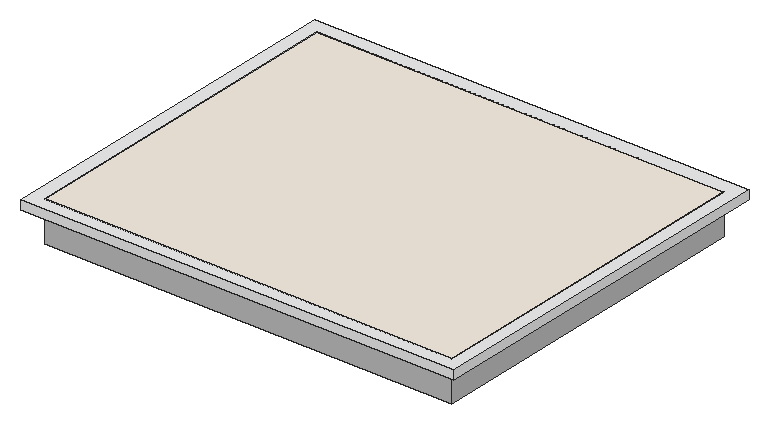
Revit family "Lighting-Industrial-GEWISS-ELIA-HL-LED_HIGHBAY", category Apparecchi per illuminazione, host Superficie, Revit 2019 (continued)
Types (12, lengths in mm): name | Weight (kg): | Weight (kg) | Voltage | Technical sheet | System power | Optic | built-in parameter 1150142 | Lumen output (lm) | Model | IDT | File diagramma fotometrico | Description
    676.76 15460.93 15242.31 15018.11 14788.35 14546.06 \r\n14289.84 14014.12 13723.09 13418.13 13103.43 12785.94 \r\n12471.23 12163.49 11859.92 11559.14 11262.54 10967.33 \r\n10672.12 10378.30 10091.45 9814.34 9541.41 9268.48 \r\n8999.73 8735.15 8476.15 8225.50 7983.20 7747.87 7516.72 \r\n7291.13 7068.33 6851.10 6636.66 6424.99 6211.94 6000.28 \r\n5788.62 5582.53 5377.84 5180.10 4986.54 4804.13 4627.28 \r\n4453.22 4283.33 4117.62 3957.49 3808.49 3665.06 3527.20 \r\n3394.92 3266.81 3144.27 3027.30 2914.50 2804.91 2699.64 \r\n2600.22 2504.13 2408.89 2316.84 2230.78 2147.79 2065.36 \r\n1984.31 1903.13 1824.73 1752.74 1684.65 1618.22 1554.87 \r\n1495.96 1439.85 1384.98 1331.93 1281.24 1232.78 1185.85 \r\n1141.01 1098.54 1058.44 1020.56 984.50 949.96 916.26 \r\n882.57 849.29 816.01 783.70 754.04 726.33 701.68 677.87 \r\n653.22 627.60 599.47 571.90 547.67 525.39 504.64 485.15 \r\n466.21 447.83 430.28 414.83 403.41 393.94 384.61 375.28 \r\n366.37 354.95 336.29 315.40 297.44 279.27 259.77 238.77 \r\n215.22 190.51 165.50 140.68 116.79 93.97 72.19 52.66 \r\n36.62 23.96 15.23 9.48 5.89 4.72 \r\n20514.31 20512.92 20504.56 20492.03 20472.54 20447.47 \r\n20416.84 20383.42 20345.82 20304.04 20256.70 20206.57 \r\n20152.26 20092.38 20029.72 19965.67 19896.04 19825.02 \r\n19751.22 19670.45 19589.69 19507.53 19422.59 19332.08 \r\n19237.39 19138.52 19034.08 18922.68 18807.10 18688.74 \r\n18564.81 18436.70 18305.81 18169.34 18030.09 17893.63 \r\n17755.77 17615.13 17471.70 17325.49 17175.10 17021.92 \r\n16861.78 16687.72 16502.52 16310.35 16108.44 15900.96 \r\n15687.90 15472.07 15252.05 15029.25 14798.10 14557.20 \r\n14300.98 14025.26 13734.23 13427.88 13115.96 12799.86 \r\n12485.16 12177.41 11872.46 11571.68 11273.68 10977.08 \r\n10681.87 10388.05 10099.80 9822.69 9549.76 9278.23 \r\n9008.08 8742.11 8483.11 8232.46 7988.77 7750.66 7519.50 \r\n7291.13 7068.33 6851.10 6635.26 6420.82 6210.55 5997.50 \r\n5787.23 5579.75 5376.44 5177.32 4985.15 4802.73 4625.89 \r\n4450.43 4280.55 4113.44 3954.70 3804.31 3663.67 3524.42 \r\n3392.13 3265.41 3141.48 3024.51 2911.72 2801.43 2695.46 \r\n2595.62 2499.12 2403.59 2311.55 2225.49 2142.64 2060.62 \r\n1980.00 1899.23 1821.53 1749.95 1682.00 1615.44 1552.22 \r\n1493.46 1437.48 1382.33 1329.00 1278.73 1230.27 1183.76 \r\n1139.07 1096.45 1056.21 1018.20 982.27 947.87 914.45 \r\n881.17 848.03 814.61 782.45 752.65 725.07 700.15 676.20 \r\n651.69 626.35 598.77 571.48 547.39 525.11 504.36 484.59 \r\n465.23 447.13 429.73 414.41 403.69 394.50 384.61 374.58 \r\n365.11 353.14 334.76 314.43 296.60 278.37 258.68 237.55 \r\n214.31 189.98 165.11 140.36 116.59 93.84 72.01 52.43 \r\n36.48 23.91 15.22 9.51 5.92 4.74 \r\n20514.31 20512.92 20504.56 20492.03 20472.54 20447.47 \r\n20416.84 20384.81 20345.82 20304.04 20259.48 20207.96 \r\n20153.65 20093.78 20031.11 19965.67 19898.83 19827.81 \r\n19754.01 19676.03 19593.87 19511.71 19426.77 19336.26 \r\n19241.56 19142.70 19038.26 18926.86 18811.28 18692.92 \r\n18567.60 18442.27 18311.38 18174.91 18037.05 17900.59 \r\n17762.73 17622.09 17478.66 17332.45 17183.45 17031.67 \r\n16870.14 16696.08 16510.87 16318.71 16119.58 15912.10 \r\n15700.44 15484.60 15265.98 15040.39 14810.63 14569.73 \r\n14312.11 14036.40 13745.37 13441.80 13128.49 12813.79 \r\n12501.86 12192.73 11887.77 11584.21 11283.43 10986.83 \r\n10691.61 10399.19 10109.55 9832.44 9559.51 9286.58 \r\n9017.83 8751.86 8491.47 8239.42 7992.95 7754.83 7520.89 \r\n7292.52 7068.33 6848.32 6632.48 6419.43 6206.37 5996.11 \r\n5785.84 5578.36 5373.66 5175.92 4983.76 4801.34 4624.49 \r\n4450.43 4279.15 4113.44 3953.31 3804.31 3660.88 3523.03 \r\n3390.74 3264.02 3140.09 3021.73 2908.93 2798.93 2692.40 \r\n2591.72 2494.80 2399.00 2306.82 2220.90 2138.18 2056.58 \r\n1976.24 1896.17 1819.16 1747.87 1679.91 1613.49 1550.13 \r\n1491.51 1435.53 1380.25 1326.91 1276.64 1228.60 1182.09 \r\n1137.67 1095.06 1054.40 1016.53 980.46 946.20 913.06 \r\n880.06 847.34 813.92 781.47 751.81 723.96 698.90 674.67 \r\n650.16 625.23 598.08 571.34 547.53 525.11 504.09 484.17 \r\n464.68 446.30 429.31 414.41 403.96 394.77 384.47 373.89 \r\n363.72 351.33 333.23 313.31 295.63 277.30 257.43 236.14 \r\n213.25 189.34 164.61 139.92 116.25 93.56 71.70 52.11 \r\n36.27 23.83 15.20 9.52 5.94 4.75 \r\n20514.31 20512.92 20505.95 20492.03 20473.93 20448.86 \r\n20418.23 20384.81 20348.60 20306.83 20259.48 20209.35 \r\n20155.05 20096.56 20033.90 19968.45 19901.61 19831.99 \r\n19756.79 19678.81 19599.44 19517.28 19430.95 19340.43 \r\n19245.74 19146.88 19041.05 18929.65 18815.46 18697.10 \r\n18573.17 18446.45 18316.95 18181.87 18044.01 17907.55 \r\n17771.09 17630.44 17488.41 17342.20 17193.20 17040.02 \r\n16881.28 16705.82 16522.01 16331.24 16132.11 15924.63 \r\n15714.36 15498.53 15278.51 15054.32 14823.16 14580.87 \r\n14326.04 14048.93 13759.29 13455.73 13143.81 12830.50 \r\n12517.18 12209.44 11901.70 11596.74 11295.96 10997.97 \r\n10702.76 10407.55 10119.30 9842.19 9570.65 9296.33 \r\n9026.19 8760.22 8499.82 8246.39 7999.91 7759.01 7523.68 \r\n7292.52 7066.94 6846.92 6628.30 6415.25 6203.59 5991.93 \r\n5783.05 5575.57 5373.66 5174.53 4982.37 4801.34 4624.49 \r\n4451.82 4280.55 4112.05 3953.31 3804.31 3660.88 3523.03 \r\n3390.74 3262.63 3140.09 3020.33 2906.15 2796.14 2690.03 \r\n2588.80 2491.18 2395.10 2302.78 2217.00 2134.56 2052.96 \r\n1972.89 1893.80 1817.49 1746.33 1678.66 1612.24 1549.02 \r\n1490.25 1434.28 1378.71 1325.24 1275.11 1227.21 1181.12 \r\n1136.98 1094.09 1053.29 1015.13 978.93 944.81 911.81 \r\n879.22 846.78 813.50 781.05 751.25 723.40 697.78 673.27 \r\n648.77 623.98 597.38 571.34 547.67 525.53 504.22 484.03 \r\n464.26 445.60 428.61 414.27 404.10 395.33 384.61 373.19 \r\n362.19 349.38 331.55 312.20 294.51 276.20 256.03 234.58 \r\n212.05 188.59 163.99 139.38 115.76 93.13 71.28 51.72 \r\n36.01 23.71 15.16 9.52 5.96 4.76 \r\n20514.31 20512.92 20505.95 20492.03 20473.93 20448.86 \r\n20419.62 20386.20 20348.60 20306.83 20262.27 20212.14 \r\n20156.44 20096.56 20036.68 19972.63 19905.79 19836.16 \r\n19760.97 19685.77 19603.62 19521.46 19435.12 19344.61 \r\n19249.92 19149.66 19045.22 18935.22 18819.64 18701.28 \r\n18578.74 18452.02 18323.91 18188.84 18052.37 17917.30 \r\n17779.44 17640.19 17498.15 17351.94 17202.95 17049.77 \r\n16891.03 16715.57 16533.15 16342.38 16146.04 15939.95 \r\n15728.29 15513.84 15292.44 15068.24 14837.09 14594.79 \r\n14338.57 14062.86 13773.22 13469.65 13159.13 12847.21 \r\n12535.29 12224.76 11915.62 11609.27 11305.71 11006.32 \r\n10711.11 10418.69 10130.44 9853.33 9579.01 9304.69 \r\n9034.54 8769.97 8509.57 8254.74 8005.48 7761.80 7525.07 \r\n7292.52 7065.55 6842.74 6625.52 6411.07 6199.41 5990.53 \r\n5781.66 5574.18 5372.27 5173.14 4980.97 4801.34 4625.89 \r\n4451.82 4279.15 4113.44 3953.31 3804.31 3662.28 3524.42 \r\n3392.13 3264.02 3140.09 3020.33 2906.15 2794.75 2688.78 \r\n2586.71 2488.40 2392.04 2299.71 2213.80 2131.50 2050.04 \r\n1970.39 1891.85 1816.38 1745.50 1677.82 1611.54 1548.18 \r\n1489.56 1433.44 1377.74 1324.27 1274.14 1226.37 1180.56 \r\n1136.56 1093.53 1052.59 1014.02 977.95 943.84 910.83 \r\n878.53 846.36 813.36 780.91 751.11 722.99 697.09 672.16 \r\n647.51 622.87 596.96 571.48 548.23 526.09 504.50 483.75 \r\n463.70 444.90 428.19 414.27 404.38 395.47 384.61 372.63 \r\n360.80 347.29 329.74 310.81 293.26 274.94 254.51 232.90 \r\n210.74 187.72 163.28 138.71 115.16 92.57 70.75 51.26 \r\n35.72 23.58 15.11 9.51 5.97 4.78 \r\n20514.31 20512.92 20505.95 20492.03 20473.93 20450.26 \r\n20421.01 20387.59 20351.39 20309.61 20263.66 20212.14 \r\n20156.44 20099.35 20038.08 19975.41 19909.97 19840.34 \r\n19766.54 19689.95 19609.19 19527.03 19440.69 19348.79 \r\n19252.70 19153.84 19048.01 18938.00 18823.81 18705.45 \r\n18585.70 18460.37 18330.87 18195.80 18060.73 17925.65 \r\n17789.19 17649.94 17506.51 17361.69 17212.69 17060.91 \r\n16899.38 16726.71 16544.29 16354.91 16158.57 15953.87 \r\n15743.60 15527.77 15306.36 15083.56 14851.01 14610.11 \r\n14353.89 14078.18 13788.54 13486.36 13177.23 12866.70 \r\n12554.78 12241.47 11932.33 11621.81 11315.46 11016.07 \r\n10720.86 10428.43 10140.19 9863.08 9588.76 9315.83 \r\n9044.29 8779.71 8519.32 8261.70 8012.44 7767.36 7527.86 \r\n7292.52 7064.15 6839.96 6621.34 6406.89 6195.23 5986.36 \r\n5778.88 5572.78 5369.48 5171.74 4980.97 4801.34 4627.28 \r\n4453.22 4281.94 4114.84 3954.70 3804.31 3662.28 3524.42 \r\n3393.52 3264.02 3140.09 3020.33 2906.15 2796.14 2688.08 \r\n2585.45 2486.31 2389.81 2297.35 2211.43 2128.99 2047.67 \r\n1968.16 1890.60 1815.68 1745.22 1677.41 1611.40 1548.04 \r\n1489.28 1433.02 1377.18 1323.57 1273.44 1225.96 1180.56 \r\n1136.56 1093.53 1052.03 1013.46 977.12 942.86 910.00 \r\n878.11 846.22 813.36 781.19 751.39 722.99 696.53 670.91 \r\n646.26 621.75 596.55 571.90 548.92 526.78 504.92 483.89 \r\n463.28 444.35 427.92 414.13 404.66 395.75 384.47 371.94 \r\n359.27 345.34 328.07 309.55 292.01 273.65 252.89 231.09 \r\n209.31 186.73 162.45 137.94 114.44 91.91 70.15 50.76 \r\n35.38 23.42 15.04 9.48 5.98 4.79 \r\n20514.31 20512.92 20505.95 20492.03 20473.93 20450.26 \r\n20421.01 20387.59 20351.39 20311.01 20266.45 20213.53 \r\n20159.22 20103.52 20042.25 19979.59 19914.14 19844.52 \r\n19772.11 19695.52 19616.15 19532.60 19444.87 19354.36 \r\n19258.28 19158.01 19052.19 18943.57 18827.99 18711.02 \r\n18589.88 18467.34 18337.83 18204.15 18069.08 17935.40 \r\n17798.94 17658.29 17516.26 17371.44 17223.83 17070.66 \r\n16910.52 16737.85 16554.04 16367.45 16172.50 15969.19 \r\n15758.92 15543.09 15323.07 15097.49 14866.33 14625.43 \r\n14369.21 14093.49 13803.85 13503.07 13193.94 12884.80 \r\n12572.88 12259.57 11946.26 11634.34 11326.60 11025.82 \r\n10729.21 10436.79 10149.93 9872.83 9599.90 9325.57 \r\n9052.64 8788.07 8527.67 8268.66 8016.62 7770.15 7527.86 \r\n7292.52 7061.37 6835.78 6615.77 6402.72 6191.06 5982.18 \r\n5776.09 5571.39 5368.09 5170.35 4979.58 4801.34 4627.28 \r\n4453.22 4283.33 4116.23 3956.09 3805.70 3663.67 3527.20 \r\n3394.92 3266.81 3140.09 3020.33 2906.15 2795.44 2688.22 \r\n2584.90 2485.06 2388.28 2295.95 2209.76 2127.18 2045.86 \r\n1966.63 1889.76 1815.68 1745.36 1677.68 1611.54 1548.32 \r\n1489.42 1433.02 1377.04 1323.43 1273.44 1225.96 1180.70 \r\n1136.98 1093.81 1052.17 1013.18 976.56 942.30 909.58 \r\n877.69 846.22 813.64 781.61 751.81 723.26 696.11 670.07 \r\n645.01 620.78 596.13 572.18 549.62 527.48 505.34 483.89 \r\n463.01 444.07 427.64 413.99 404.66 396.03 384.33 371.24 \r\n357.87 343.25 326.26 308.16 290.61 272.22 251.15 229.19 \r\n207.79 185.65 161.50 137.05 113.60 91.11 69.47 50.21 \r\n35.04 23.26 14.96 9.46 5.98 4.80 \r\n20514.31 20512.92 20505.95 20493.42 20475.32 20450.26 \r\n20421.01 20388.99 20354.17 20313.79 20266.45 20216.31 \r\n20162.01 20104.92 20045.04 19983.77 19918.32 19848.70 \r\n19776.28 19701.09 19621.72 19538.17 19450.44 19358.53 \r\n19262.45 19162.19 19056.36 18946.35 18833.56 18716.59 \r\n18596.84 18471.51 18344.80 18213.90 18077.44 17943.76 \r\n17808.68 17668.04 17526.01 17381.19 17233.58 17081.80 \r\n16921.66 16747.60 16566.57 16381.37 16186.42 15984.51 \r\n15774.24 15558.40 15338.39 15114.20 14880.25 14639.35 \r\n14384.53 14110.20 13820.56 13519.78 13210.65 12902.91 \r\n12592.38 12276.28 11961.58 11645.48 11334.95 11034.17 \r\n10736.18 10445.14 10158.29 9882.57 9608.25 9333.93 \r\n9062.39 8796.42 8534.63 8275.63 8022.19 7771.54 7529.25 \r\n7291.13 7058.58 6833.00 6611.59 6395.75 6185.49 5978.00 \r\n5773.31 5568.61 5365.30 5168.96 4979.58 4801.34 4628.67 \r\n4456.00 4284.72 4119.02 3958.88 3809.88 3666.45 3528.60 \r\n3397.70 3268.20 3142.87 3023.12 2907.54 2795.86 2689.06 \r\n2584.90 2484.64 2387.58 2295.12 2208.78 2126.07 2044.61 \r\n1965.65 1889.48 1815.96 1745.78 1678.24 1612.10 1549.02 \r\n1489.98 1433.44 1377.46 1323.71 1273.72 1226.37 1181.12 \r\n1137.67 1094.37 1052.45 1013.18 976.28 941.89 909.16 \r\n877.55 846.22 814.06 782.31 752.37 723.68 695.97 669.10 \r\n644.03 619.80 595.85 572.60 550.32 528.45 506.03 484.17 \r\n462.87 443.51 427.36 413.99 404.66 396.17 384.05 370.41 \r\n356.34 341.30 324.31 306.63 289.14 270.65 249.35 227.26 \r\n206.16 184.46 160.44 136.06 112.65 90.23 68.73 49.64 \r\n34.67 23.08 14.88 9.42 5.98 4.80 \r\n20514.31 20512.92 20504.56 20493.42 20475.32 20451.65 \r\n20422.40 20391.77 20355.56 20313.79 20267.84 20217.71 \r\n20164.79 20107.70 20049.22 19987.95 19922.50 19854.26 \r\n19780.46 19706.66 19627.29 19542.35 19454.62 19362.71 \r\n19266.63 19164.98 19060.54 18950.53 18839.13 18723.56 \r\n18602.41 18479.87 18353.15 18220.86 18087.18 17954.90 \r\n17818.43 17679.18 17535.75 17392.33 17244.72 17091.55 \r\n16932.80 16760.13 16579.10 16393.90 16201.74 15998.43 \r\n15789.56 15575.11 15353.70 15129.51 14895.57 14654.67 \r\n14399.84 14125.52 13837.27 13537.89 13230.14 12922.40 \r\n12611.87 12294.38 11974.11 11656.62 11343.31 11041.13 \r\n10743.14 10452.11 10166.64 9889.54 9616.61 9340.89 \r\n9067.96 8803.39 8542.99 8282.59 8026.37 7774.33 7529.25 \r\n7291.13 7055.80 6828.82 6606.02 6390.18 6179.92 5972.43 \r\n5769.13 5564.43 5363.91 5167.57 4978.19 4801.34 4630.06 \r\n4457.39 4287.51 4120.41 3961.66 3811.27 3669.24 3531.38 \r\n3400.49 3269.59 3145.66 3024.51 2908.93 2798.37 2690.45 \r\n2585.73 2484.78 2387.58 2295.26 2208.51 2125.65 2044.05 \r\n1965.24 1889.48 1816.93 1746.75 1678.94 1613.07 1549.85 \r\n1490.67 1434.00 1377.88 1324.27 1274.28 1226.79 1181.95 \r\n1138.37 1095.06 1053.15 1013.46 976.14 941.47 908.75 \r\n877.41 846.36 814.47 783.14 753.20 724.24 695.83 668.54 \r\n643.06 619.11 595.71 573.01 551.15 529.15 506.59 484.17 \r\n462.73 443.23 427.08 413.85 404.66 396.03 383.63 369.71 \r\n354.95 339.21 322.64 305.10 287.68 268.99 247.49 225.26 \r\n204.49 183.14 159.27 134.96 111.64 89.29 67.95 49.06 \r\n34.31 22.91 14.80 9.38 5.97 4.81 \r\n20514.31 20512.92 20504.56 20493.42 20475.32 20451.65 \r\n20422.40 20391.77 20356.96 20315.18 20270.62 20220.49 \r\n20166.19 20110.49 20052.00 19990.73 19925.28 19857.05 \r\n19786.03 19710.84 19631.47 19547.92 19460.19 19366.89 \r\n19272.20 19170.55 19064.72 18956.10 18843.31 18729.13 \r\n18609.37 18486.83 18360.11 18230.61 18096.93 17963.25 \r\n17828.18 17688.93 17545.50 17402.07 17254.47 17102.69 \r\n16942.55 16771.27 16590.25 16407.83 16215.66 16013.75 \r\n15804.88 15590.43 15370.42 15144.83 14910.89 14669.99 \r\n14416.55 14142.23 13855.38 13554.60 13248.25 12940.50 \r\n12629.98 12311.09 11989.43 11669.15 11351.66 11048.09 \r\n10750.10 10459.07 10175.00 9896.50 9622.18 9346.46 \r\n9074.92 8810.35 8547.16 8286.77 8029.16 7775.72 7529.25 \r\n7288.35 7053.01 6823.25 6600.45 6384.61 6174.35 5968.26 \r\n5766.34 5561.64 5361.13 5166.18 4978.19 4801.34 4631.46 \r\n4458.78 4288.90 4121.80 3963.06 3814.06 3672.02 3534.17 \r\n3401.88 3272.38 3147.05 3027.30 2910.33 2800.32 2692.40 \r\n2587.27 2485.75 2388.56 2295.95 2209.20 2125.93 2044.05 \r\n1965.10 1890.04 1817.91 1747.87 1680.05 1614.19 1551.11 \r\n1491.79 1434.83 1378.71 1325.10 1274.97 1227.63 1182.79 \r\n1139.34 1095.90 1053.84 1013.88 976.14 941.47 908.61 \r\n877.14 846.36 815.03 783.98 754.18 724.94 695.83 667.98 \r\n642.36 618.13 595.43 573.57 551.71 529.99 507.15 484.45 \r\n462.73 442.95 426.80 413.71 404.52 395.75 383.22 368.87 \r\n353.56 337.40 320.69 303.70 286.10 267.28 245.58 223.25 \r\n202.73 181.74 158.01 133.78 110.51 88.26 67.13 48.49 \r\n33.98 22.74 14.71 9.33 5.96 4.81 \r\n20514.31 20512.92 20504.56 20493.42 20475.32 20451.65 \r\n20423.80 20393.16 20358.35 20317.97 20272.01 20221.89 \r\n20167.58 20111.88 20053.39 19993.51 19928.07 19859.84 \r\n19788.82 19713.62 19634.25 19550.70 19462.97 19369.67 \r\n19274.99 19173.33 19068.90 18960.28 18848.88 18733.30 \r\n18614.94 18493.79 18367.08 18237.57 18103.89 17971.60 \r\n17835.14 17695.89 17553.85 17409.03 17261.43 17109.65 \r\n16950.90 16781.02 16599.99 16417.58 16226.80 16026.28 \r\n15816.01 15602.96 15382.95 15157.36 14924.82 14685.31 \r\n14430.48 14158.94 13872.09 13572.70 13264.96 12957.21 \r\n12643.90 12322.23 11999.17 11674.72 11355.84 11048.09 \r\n10751.49 10459.07 10175.00 9896.50 9622.18 9346.46 \r\n9073.53 8807.56 8545.77 8283.98 8024.98 7771.54 7523.68 \r\n7282.78 7048.84 6817.68 6593.49 6376.26 6164.60 5959.90 \r\n5757.99 5554.68 5355.56 5162.00 4975.40 4798.56 4628.67 \r\n4456.00 4288.90 4124.59 3965.84 3816.84 3673.42 3536.95 \r\n3406.06 3276.55 3151.23 3031.47 2915.90 2804.36 2697.13 \r\n2592.14 2491.18 2394.26 2301.66 2213.94 2129.83 2047.25 \r\n1967.88 1892.41 1820.28 1749.95 1682.00 1615.86 1552.64 \r\n1493.18 1436.09 1380.25 1326.63 1276.50 1229.02 1184.04 \r\n1140.46 1097.15 1055.10 1014.85 976.98 941.89 908.61 \r\n876.86 846.08 815.31 785.09 755.15 725.77 696.25 667.84 \r\n642.22 618.27 595.57 573.71 552.13 530.26 507.43 484.87 \r\n463.15 443.23 426.80 413.29 403.83 394.77 382.
